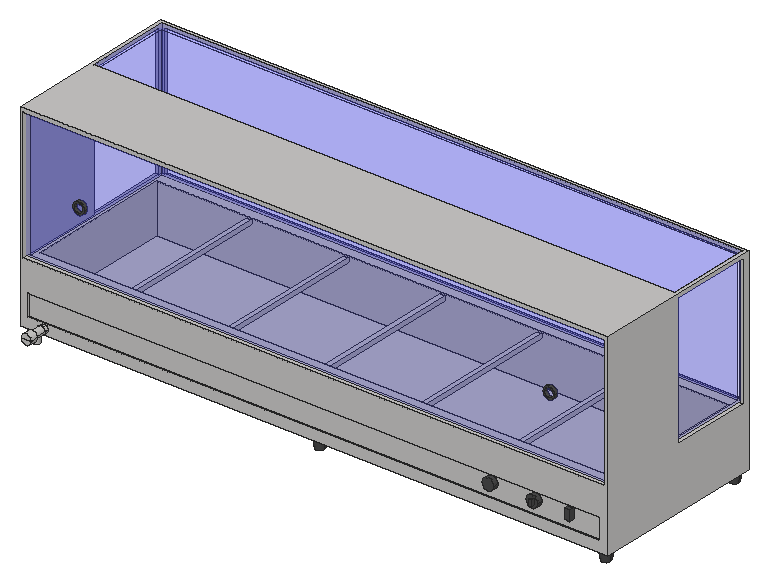
Revit family "QF_Woodson_Module Square Hot Food Display_W.HFSQ22_W.HFSQ26", category Specialty Equipment, Revit 2014
Parameters (values of type "W.HFSQ26")
  Weight = 78.00 kg
  Watts = 3300 W
  Volts = 240 V  # constant formula
  Type Comments = "The Woodson square profile hot food display combines market leading features and aesthetically pleasing modern styling"  # constant formula
  Switch = QF_Plastic-Black-Coarse
  Has Handle [instance] = yes
  Handle = QF_Plastic-Black-Coarse
  Half Width = Width / 2  # 1002.5 mm
  Width = 2005 mm
  URL = "http://www.stoddart.com.au/"
  Model = "W.HFSQ26"
  Body = QF_Stainless-Polished
  Leg Height = 32 mm  # constant formula
  Manufacturer = "Woodson"  # constant formula
  Height = 702 mm  # constant formula
  Multi Grill = yes
  Single Grill = not(Multi Grill)  # no
  Number of Grill = 5
  Glass = QF_Glass
  FL Amps = 15 A
  Drain Connector = 20 mm  # constant formula
  Description = "Square Profile Hot Food Display,6 module unit"
  Depth = 600 mm  # constant formula
  Middle Leg = Half Width > 516 mm  # yes
  Leg = QF_Plastic-Black-Coarse
  Assembly Code = "E1090300"
Types (6, lengths in mm): name | Weight | Watts | Half Width | Width | Model | Multi Grill | Single Grill | Number of Grill | FL Amps | Description | Middle Leg
  (no name) | 78.00 kg | 3300 W | 1002.5 | 2005 | "W.HFSQ26" | yes | no | 5 | 15 A | "Square Profile Hot Food Display,6 module unit" | yes
  W.HFSQ26 | 78.00 kg | 3300 W | 1002.5 | 2005 | "W.HFSQ26" | yes | no | 5 | 15 A | "Square Profile Hot Food Display,6 module unit" | yes
  W.HFSQ25 | 68.00 kg | 3300 W | 840 | 1680 | "W.HFSQ25" | yes | no | 4 | 15 A | "Square Profile Hot Food Display,5 module unit" | yes
  W.HFSQ24 | 58.00 kg | 3000 W | 677.5 | 1355 | "W.HFSQ24" | yes | no | 3 | 15 A | "Square Profile Hot Food Display,4 module unit" | yes
  W.HFSQ23 | 48.00 kg | 2400 W | 515 | 1030 | "W.HFSQ23" | yes | no | 2 | 10 A | "Square Profile Hot Food Display,3 module unit" | no
  W.HFSQ22 | 38.00 kg | 1500 W | 352.5 | 705 | "W.HFSQ22" | no | yes | 2 | 10 A | "Square Profile Hot Food Display,2 module unit" | no
Reference planes
  plane 1 "Center (Front/Back)": y = 0
  plane 2: z = 0
  plane 3 "Center (Left/Right)": x = 0
  plane 4: y = 300
  plane 5: y = -300
  plane 6: x = -1002.5
  plane 7: x = 1002.5
  plane 8: z = 243
  plane 9: z = 32
  plane 10: x = 976.5
  plane 11: x = -976.5
  plane 12: y = 274
  plane 13: y = -274
  plane 14: z = 115
  plane 15: z = 50
  plane 16: z = 75
  plane 17: x = -922.5
  plane 18: x = -992.5
  plane 19: x = 992.5
  plane 20: z = 58
  plane 21: y = -378
  plane 22: y = -320
  plane 23: y = 250
  plane 24: y = -250
  plane 25: y = 290
  plane 26: y = -290
  plane 27: z = 702
  plane 28: x = 920.5
  plane 29: x = -501.25
  plane 30: x = 501.25
  plane 31: x = -802.5
  plane 32: x = 802.5
Forms (mm)
  Extrusion 1, solid, material "QF_Stainless-Polished" <- "Body", detail levels medium+fine
    sketch origin (0, 0, 0) x (1, 0, 0) y (0, 1, 0)
      loop
        line (-1002.5, 300) -> (-1002.5, -300) -> (1002.5, -300) -> (1002.5, 300) -> (-1002.5, 300)
    from 32 to 243
  Revolve 2, solid, material "QF_Plastic-Black-Coarse" <- "Leg", detail levels medium+fine
    sketch origin (1780.019, 274, 4000) x (1, 0, 0) y (0, 0, 1)
      loop
        line (-2756.519, -4000) -> (-2756.519, -3968) -> (-2776.519, -3968) -> (-2771.519, -4000) -> (-2756.519, -4000)
      axis (-2756.519, -3968) -> (-2756.519, -4000)
    angle from 0 to 360
  Revolve 3, solid, material "QF_Plastic-Black-Coarse" <- "Leg", visible <- "Middle Leg", detail levels medium+fine
    sketch origin (1780.019, 274, 4000) x (1, 0, 0) y (0, 0, 1)
      loop
        line (-1780.019, -4000) -> (-1780.019, -3968) -> (-1800.019, -3968) -> (-1795.019, -4000) -> (-1780.019, -4000)
      axis (-1780.019, -3968) -> (-1780.019, -4000)
    angle from 0 to 360
  Revolve 4, solid, material "QF_Plastic-Black-Coarse" <- "Leg", detail levels medium+fine
    sketch origin (1780.019, 274, 4000) x (1, 0, 0) y (0, 0, 1)
      loop
        line (-803.519, -4000) -> (-803.519, -3968) -> (-823.519, -3968) -> (-818.519, -4000) -> (-803.519, -4000)
      axis (-803.519, -3968) -> (-803.519, -4000)
    angle from 0 to 360
  Revolve 5, solid, material "QF_Plastic-Black-Coarse" <- "Leg", detail levels medium+fine
    sketch origin (1780.019, -274, 4000) x (1, 0, 0) y (0, 0, 1)
      loop
        line (-2756.519, -4000) -> (-2756.519, -3968) -> (-2776.519, -3968) -> (-2771.519, -4000) -> (-2756.519, -4000)
      axis (-2756.519, -3968) -> (-2756.519, -4000)
    angle from 0 to 360
  Revolve 6, solid, material "QF_Plastic-Black-Coarse" <- "Leg", visible <- "Middle Leg", detail levels medium+fine
    sketch origin (1780.019, -274, 4000) x (1, 0, 0) y (0, 0, 1)
      loop
        line (-1780.019, -4000) -> (-1780.019, -3968) -> (-1800.019, -3968) -> (-1795.019, -4000) -> (-1780.019, -4000)
      axis (-1780.019, -3968) -> (-1780.019, -4000)
    angle from 0 to 360
  Revolve 7, solid, material "QF_Plastic-Black-Coarse" <- "Leg", detail levels medium+fine
    sketch origin (1780.019, -274, 4000) x (1, 0, 0) y (0, 0, 1)
      loop
        line (-803.519, -4000) -> (-803.519, -3968) -> (-823.519, -3968) -> (-818.519, -4000) -> (-803.519, -4000)
      axis (-803.519, -3968) -> (-803.519, -4000)
    angle from 0 to 360
  Extrusion 8, void, detail levels fine
    sketch origin (0, 0, 0) x (1, 0, 0) y (0, 1, 0)
      loop
        line (-976.5, 250) -> (-976.5, -250) -> (976.5, -250) -> (976.5, 250) -> (-976.5, 250)
    from 75 to 243
  Extrusion 9, void
    sketch origin (0, 0, 0) x (1, 0, 0) y (0, 0, 1)
      loop
        line (-976.5, 68.402) -> (976.5, 68.402) -> (976.5, 141.698) -> (-976.5, 141.698) -> (-976.5, 68.402)
    from 300 to 294.572
  Extrusion 10, solid, material "QF_Glass" <- "Glass", detail levels medium+fine
    sketch origin (0, 0, 0) x (1, 0, 0) y (0, 1, 0)
      loop
        line (992.5, -290) -> (992.5, 290) -> (-992.5, 290) -> (-992.5, -290) -> (992.5, -290)
      loop
        line (-982.5, 280) -> (-982.5, -280) -> (982.5, -280) -> (982.5, 280) -> (-982.5, 280)
    from 243 to 689.912
  Extrusion 11, solid, material "QF_Stainless-Polished" <- "Body", visible <- "Multi Grill", detail levels medium+fine
    sketch origin (-261.915, 0, 0) x (1, 0, 0) y (0, 0, 1)
      loop
        line (914.415, 236.968) -> (914.415, 221.968) -> (929.415, 221.968) -> (929.415, 236.968) -> (914.415, 236.968)
    from -290 to 294.572
  Extrusion 12, solid, material "QF_Stainless-Polished" <- "Body", visible <- "Multi Grill", detail levels medium+fine
    sketch origin (-591.915, 0, 0) x (1, 0, 0) y (0, 0, 1)
      loop
        line (914.415, 236.968) -> (914.415, 221.968) -> (929.415, 221.968) -> (929.415, 236.968) -> (914.415, 236.968)
    from -290 to 294.572
  Extrusion 13, solid, material "QF_Stainless-Polished" <- "Body", visible <- "Single Grill", detail levels medium+fine
    sketch origin (0, 0, 0) x (1, 0, 0) y (0, 0, 1)
      loop
        line (7.5, 236.968) -> (-7.5, 236.968) -> (-7.5, 221.968) -> (7.5, 221.968) -> (7.5, 236.968)
    from -290 to 290
  Extrusion 14, solid, material "QF_Stainless-Polished" <- "Body", detail levels coarse
    sketch origin (0, 0, 0) x (1, 0, 0) y (0, 1, 0)
      loop
        line (1002.5, 300) -> (-1002.5, 300) -> (-1002.5, -378) -> (1002.5, -378) -> (1002.5, 300)
    from 0 to 702
  Extrusion 15, solid, material "QF_Stainless-Polished" <- "Body", detail levels medium+fine
    sketch origin (0, 0, 0) x (1, 0, 0) y (0, 0, 1)
      loop
        line (-1002.5, 243) -> (-992.5, 243) -> (-992.5, 689.912) -> (992.5, 689.912) -> (992.5, 243) -> (1002.5, 243) -> (1002.5, 677.874) -> (1002.5, 702) -> (-1002.5, 702) -> (-1002.5, 690.786) -> (-1002.5, 243)
    from 0 to 300
  Extrusion 16, solid, material "QF_Glass" <- "Glass", detail levels medium+fine
    sketch origin (0, 0, 0) x (1, 0, 0) y (0, 1, 0)
      loop
        line (-992.5, 0) -> (992.5, 0) -> (992.5, 290) -> (-992.5, 290) -> (-992.5, 0)
    from 702 to 689.912
  Extrusion 17, solid, material "QF_Stainless-Polished" <- "Body", detail levels medium+fine
    sketch origin (0, 0, 0) x (1, 0, 0) y (0, 1, 0)
      loop
        line (-1002.5, 0) -> (-992.5, 0) -> (-992.5, 290) -> (992.5, 290) -> (992.5, -66.517) -> (1002.5, -66.517) -> (1002.5, 290) -> (1002.5, 300) -> (-1002.5, 300) -> (-1002.5, 0)
    from 689.912 to 702
  Extrusion 18, solid, material "QF_Stainless-Polished" <- "Body", detail levels medium+fine
    sketch origin (0, 0, 0) x (1, 0, 0) y (0, 1, 0)
      loop
        line (1002.5, 290) -> (1002.5, 300) -> (982.5, 300) -> (982.5, 290) -> (992.5, 290) -> (992.5, 280) -> (1002.5, 280) -> (1002.5, 290)
    from 221.968 to 693.47
  Extrusion 19, solid, material "QF_Stainless-Polished" <- "Body", detail levels medium+fine
    sketch origin (597.5, -702.5, 0) x (0, 1, 0) y (-1, 0, 0)
      loop
        line (1002.5, 1590) -> (1002.5, 1600) -> (982.5, 1600) -> (982.5, 1590) -> (992.5, 1590) -> (992.5, 1580) -> (1002.5, 1580) -> (1002.5, 1590)
    from 221.968 to 693.47
  Extrusion 20, solid, material "QF_Plastic-Black-Coarse" <- "Switch", detail levels fine
    sketch origin (0, 0, 0) x (1, 0, 0) y (0, 0, 1)
      loop
        circle (752.5, 115) r 20
      loop
        line (862.731, 134.485) -> (862.731, 99.485) -> (882.731, 99.485) -> (882.731, 134.485) -> (862.731, 134.485)
      loop
        circle (602.5, 115) r 20
    from 294.572 to 310
  Extrusion 21, solid, material "QF_Plastic-Black-Coarse" <- "Switch", detail levels fine
    sketch origin (0, 0, 0) x (1, 0, 0) y (0, 0, 1)
      loop
        line (747.191, 124.096) -> (747.191, 104.096) -> (757.191, 104.096) -> (757.191, 124.096) -> (747.191, 124.096)
    from 294.572 to 317.543
  Extrusion 22, solid, material "QF_Plastic-Black-Coarse" <- "Handle", visible <- "Has Handle", detail levels fine
    sketch origin (992.5, -290, 0) x (-1, 0, 0) y (0, 0, -1)
      loop
        circle (1795, -459.877) r 20
      loop
        circle (1795, -459.877) r 15
      loop
        circle (190, -459.877) r 20
      loop
        circle (190, -459.877) r 15
    from 0 to 10
  Extrusion 23, solid, material "QF_Stainless-Polished" <- "Body", visible <- "Multi Grill", detail levels medium+fine
    sketch origin (-921.915, 0, 0) x (1, 0, 0) y (0, 0, 1)
      loop
        line (914.415, 236.968) -> (914.415, 221.968) -> (929.415, 221.968) -> (929.415, 236.968) -> (914.415, 236.968)
    from -290 to 294.572
  Extrusion 24, solid, material "QF_Stainless-Polished" <- "Body", visible <- "Multi Grill", detail levels medium+fine
    sketch origin (-1251.915, 0, 0) x (1, 0, 0) y (0, 0, 1)
      loop
        line (914.415, 236.968) -> (914.415, 221.968) -> (929.415, 221.968) -> (929.415, 236.968) -> (914.415, 236.968)
    from -290 to 294.572
  Extrusion 25, solid, material "QF_Stainless-Polished" <- "Body", visible <- "Multi Grill", detail levels medium+fine
    sketch origin (-1581.915, 0, 0) x (1, 0, 0) y (0, 0, 1)
      loop
        line (914.415, 236.968) -> (914.415, 221.968) -> (929.415, 221.968) -> (929.415, 236.968) -> (914.415, 236.968)
    from -290 to 294.572
Cuts and joins
  Extrusion 8, Extrusion 9 cuts Extrusion 1
  joined: Extrusion 1, Extrusion 15, Extrusion 17, Extrusion 18, Extrusion 19
Dimensions and locks
  "Width": plane 6 to plane 7
  "Depth": plane 5 to plane 4
  equal spacing: plane 5, plane 1 "Center (Front/Back)", plane 4
  plane 9 to level = 32 mm
  locked: plane 18 to plane 6 at 10
  locked: plane 11 to plane 6 at 26
  "Half Width": plane 3 "Center (Left/Right)" to plane 7
  "Leg Height": plane 9 to plane 2
  plane 4 to plane 5 = 600 mm
  locked: plane 23 to plane 4 at 50
  locked: plane 5 to plane 24 at 50
  locked: plane 6 to plane 17 at 80
  locked: plane 7 to cut or joined group of Extrusion 1, Extrusion 8, Extrusion 9, Extrusion 15, Extrusion 17, Extrusion 18, Extrusion 19 at 26
  plane 11 to plane 6 = 26 mm
  "Height": plane 27 to level
  Extrusion 11 to plane 7 = 350 mm
  equal spacing: group 5, group 4, group 3, group 2, group 1
  equal spacing: group 1, group 2, group 3, group 4, group 5  (x2)
  plane 21 to plane 4 = 678 mm
  plane 7 to plane 6 = 2005 mm
  locked: plane 7 to plane 28 at 82
  plane 17 to plane 6 = 80 mm
  locked: Extrusion 20 sketch curve to Extrusion 20 sketch curve at 20
  locked: plane 7 to Extrusion 20 sketch curve at 119.769
  locked: plane 7 to Extrusion 20 sketch curve at 250
  locked: plane 7 to Extrusion 20 sketch curve at 400
  locked: Extrusion 21 sketch curve to Extrusion 21 sketch curve at 10
  locked: Extrusion 14 to Extrusion 21 sketch curve at 245.309
  equal spacing: plane 6, plane 29, plane 3 "Center (Left/Right)"
  equal spacing: plane 3 "Center (Left/Right)", plane 30, plane 7
  locked: plane 31 to plane 6 at 200
  locked: plane 7 to plane 32 at 200
  Extrusion 22 to Extrusion 22 = 10 mm
  aligned and locked: level to plane 2
  aligned and locked: plane 4 to Extrusion 1 sketch curve
  aligned and locked: Extrusion 1 sketch curve to plane 5
  aligned and locked: plane 6 to Extrusion 1 sketch curve
  aligned and locked: Extrusion 1 sketch curve to plane 7
  aligned and locked: plane 8 to Extrusion 1
  aligned and locked: Extrusion 1 to plane 9
  aligned and locked: plane 11 to Extrusion 8 sketch curve
  aligned and locked: Extrusion 8 sketch curve to plane 10
  aligned and locked: Extrusion 8 sketch curve to plane 23
  aligned and locked: Extrusion 8 sketch curve to plane 24
  aligned and locked: plane 8 to Extrusion 8
  aligned and locked: Extrusion 9 sketch curve to plane 11
  aligned and locked: plane 10 to Extrusion 9 sketch curve
  aligned and locked: Extrusion 10 sketch curve to plane 26
  aligned and locked: Extrusion 10 sketch curve to plane 19
  aligned and locked: plane 25 to Extrusion 10 sketch curve
  aligned and locked: plane 18 to Extrusion 10 sketch curve
  aligned and locked: Extrusion 10 to plane 8
  aligned and locked: Extrusion 14 sketch curve to cut or joined group of Extrusion 1, Extrusion 8, Extrusion 9, Extrusion 15, Extrusion 17, Extrusion 18, Extrusion 19  (x2)
  aligned and locked: Extrusion 14 sketch curve to plane 6
  aligned and locked: plane 21 to Extrusion 14 sketch curve
  aligned and locked: Extrusion 15 sketch curve to plane 27
  aligned and locked: plane 6 to Extrusion 15 sketch curve  (x2)
  aligned and locked: Extrusion 15 sketch curve to plane 7  (x2)
  aligned and locked: Extrusion 10 to Extrusion 15 sketch curve
  aligned and locked: plane 19 to Extrusion 15 sketch curve
  aligned and locked: Extrusion 10 to Extrusion 15
  aligned and locked: Extrusion 16 sketch curve to Extrusion 15
  aligned and locked: plane 27 to Extrusion 14
  aligned and locked: plane 27 to Extrusion 16
  aligned and locked: Extrusion 16 to Extrusion 10
  aligned and locked: Extrusion 16 sketch curve to Extrusion 10  (x2)
  aligned and locked: plane 19 to Extrusion 16 sketch curve
  aligned and locked: plane 27 to Extrusion 17
  aligned and locked: Extrusion 10 to cut or joined group of Extrusion 1, Extrusion 8, Extrusion 9, Extrusion 15, Extrusion 17, Extrusion 18, Extrusion 19
  aligned and locked: cut or joined group of Extrusion 1, Extrusion 8, Extrusion 9, Extrusion 15, Extrusion 17, Extrusion 18, Extrusion 19 to Extrusion 20
  aligned and locked: plane 17 to nested 1
  aligned and locked: cut or joined group of Extrusion 1, Extrusion 8, Extrusion 9, Extrusion 15, Extrusion 17, Extrusion 18, Extrusion 19 to Extrusion 21
  aligned and locked: plane 31 to Extrusion 22 sketch curve
  aligned and locked: plane 32 to Extrusion 22 sketch curve
Automatic sketch dimensions
  plane 15 to Extrusion 9 sketch curve = 18.402 mm
  plane 14 to Extrusion 9 sketch curve = 26.698 mm
  plane 18 to Extrusion 10 sketch curve = 10 mm
  Extrusion 10 sketch curve to plane 26 = 10 mm
  Extrusion 10 sketch curve to plane 19 = 10 mm
  plane 25 to Extrusion 10 sketch curve = 10 mm
  Extrusion 11 sketch curve to Extrusion 11 sketch curve = 15 mm  (x2)
  Extrusion 12 sketch curve to Extrusion 12 sketch curve = 15 mm  (x2)
  Revolve 2 sketch curve to plane 9 = 0 mm
  Revolve 2 sketch curve to level = 0 mm
  Revolve 2 sketch curve to plane 11 = 0 mm  (x2)
  plane 18 to Revolve 2 sketch curve = 1 mm
  Revolve 2 sketch curve to plane 18 = 4 mm
  Revolve 2 sketch curve to level = 304.8 mm
  plane 27 to Revolve 2 sketch curve = 1734.4 mm
  Revolve 3 sketch curve to plane 9 = 0 mm
  Revolve 3 sketch curve to level = 0 mm
  Revolve 3 sketch curve to plane 3 "Center (Left/Right)" = 0 mm  (x2)
  Revolve 3 sketch curve to Revolve 3 sketch curve = 15 mm
  Revolve 3 sketch curve to Revolve 3 sketch curve = 20 mm
  Revolve 3 sketch curve to Revolve 3 sketch curve = 304.8 mm
  plane 27 to Revolve 3 sketch curve = 1734.4 mm
  Revolve 4 sketch curve to plane 9 = 0 mm
  Revolve 4 sketch curve to level = 0 mm
  Revolve 4 sketch curve to plane 10 = 0 mm  (x2)
  Revolve 4 sketch curve to Revolve 4 sketch curve = 15 mm
  Revolve 4 sketch curve to Revolve 4 sketch curve = 20 mm
  Revolve 4 sketch curve to Revolve 4 sketch curve = 304.8 mm
  plane 27 to Revolve 4 sketch curve = 1734.4 mm
  Revolve 5 sketch curve to plane 9 = 0 mm
  Revolve 5 sketch curve to level = 0 mm
  Revolve 5 sketch curve to plane 11 = 0 mm  (x2)
  plane 18 to Revolve 5 sketch curve = 1 mm
  Revolve 5 sketch curve to plane 18 = 4 mm
  Revolve 5 sketch curve to level = 304.8 mm
  plane 27 to Revolve 5 sketch curve = 1734.4 mm
  Revolve 6 sketch curve to plane 9 = 0 mm
  Revolve 6 sketch curve to level = 0 mm
  Revolve 6 sketch curve to plane 3 "Center (Left/Right)" = 0 mm  (x2)
  Revolve 6 sketch curve to Revolve 6 sketch curve = 15 mm
  Revolve 6 sketch curve to Revolve 6 sketch curve = 20 mm
  Revolve 6 sketch curve to Revolve 6 sketch curve = 304.8 mm
  plane 27 to Revolve 6 sketch curve = 1734.4 mm
  Revolve 7 sketch curve to plane 9 = 0 mm
  Revolve 7 sketch curve to level = 0 mm
  Revolve 7 sketch curve to plane 10 = 0 mm  (x2)
  Revolve 7 sketch curve to Revolve 7 sketch curve = 15 mm
  Revolve 7 sketch curve to Revolve 7 sketch curve = 20 mm
  Revolve 7 sketch curve to Revolve 7 sketch curve = 304.8 mm
  plane 27 to Revolve 7 sketch curve = 1734.4 mm
  Extrusion 13 sketch curve to plane 3 "Center (Left/Right)" = 7.5 mm
  plane 3 "Center (Left/Right)" to Extrusion 13 sketch curve = 7.5 mm
  Extrusion 13 sketch curve to plane 8 = 21.032 mm
  Extrusion 13 sketch curve to plane 8 = 6.032 mm
  Extrusion 15 sketch curve to plane 8 = 0 mm  (x2)
  Extrusion 15 sketch curve to plane 27 = 12.088 mm
  Extrusion 15 sketch curve to Extrusion 15 sketch curve = 12.037 mm
  Extrusion 15 sketch curve to Extrusion 15 sketch curve = 0 mm  (x2)
  Extrusion 15 sketch curve to Extrusion 15 sketch curve = 0.874 mm
  plane 4 to Extrusion 17 sketch curve = 0 mm
  Extrusion 17 sketch curve to plane 6 = 0 mm
  plane 1 "Center (Front/Back)" to Extrusion 17 sketch curve = 0 mm
  Extrusion 17 sketch curve to plane 18 = 0 mm
  Extrusion 17 sketch curve to plane 19 = 0 mm
  Extrusion 17 sketch curve to plane 7 = 0 mm
  plane 25 to Extrusion 17 sketch curve = 0 mm  (x2)
  plane 1 "Center (Front/Back)" to Extrusion 17 sketch curve = 66.517 mm
  plane 25 to Extrusion 18 sketch curve = 0 mm  (x2)
  plane 4 to Extrusion 18 sketch curve = 0 mm
  Extrusion 18 sketch curve to plane 19 = 0 mm
  Extrusion 18 sketch curve to plane 7 = 0 mm
  plane 10 to Extrusion 18 sketch curve = 6 mm
  Extrusion 18 sketch curve to plane 12 = 6 mm
  plane 25 to Extrusion 19 sketch curve = 0 mm
  plane 4 to Extrusion 19 sketch curve = 0 mm
  Extrusion 19 sketch curve to plane 12 = 6 mm
  plane 6 to Extrusion 19 sketch curve = 20 mm
  Extrusion 19 sketch curve to Extrusion 19 sketch curve = 10 mm  (x3)
  Extrusion 20 sketch curve to plane 14 = 0 mm  (x2)
  Extrusion 20 sketch curve to plane 14 = 15.515 mm
  plane 14 to Extrusion 20 sketch curve = 19.485 mm
  Extrusion 21 sketch curve to plane 14 = 10.904 mm
  plane 14 to Extrusion 21 sketch curve = 9.096 mm
  Extrusion 22 sketch curve to Extrusion 22 sketch curve = 0 mm  (x4)
  Extrusion 10 to Extrusion 22 sketch curve = 216.877 mm  (x2)
  Extrusion 23 sketch curve to Extrusion 23 sketch curve = 15 mm  (x2)
  Extrusion 24 sketch curve to Extrusion 24 sketch curve = 15 mm  (x2)
  Extrusion 25 sketch curve to Extrusion 25 sketch curve = 15 mm  (x2)
  radius of Extrusion 20 sketch curve = 20 mm  (x2)
  radius of Extrusion 22 sketch curve = 20 mm  (x2)
  radius of Extrusion 22 sketch curve = 15 mm  (x2)
Nested families
  nested 1: "Drain" at (-922.5, -300, 50) x (1, 0, 0) z (0, -1, 0), type "Drain", detail levels fine
Connectors
  piping at (-922.5, -330, 22), diameter 20, driven by "Drain Connector"
    settings: on nested 1, index 1, connector inside diameter 609.6 mm, connector length 0 mm, flow factor 0, pipe flow 0.0 L/s, pressure drop 0.0 Pa, fitting loss kfactor 0, connector angle 0.00°, fixture units 0, engagement length 0 mm, angle of deflection 0.00°, flow configuration 0, flow direction 2, fitting loss method 0, system type 19, joint type 0, gender type 0, connector reference index -1, connector utility 0, adjustable connector no, is connector primary yes, connector description "QF_Drain"
  electrical at (-1002.5, 0, 367), driven by "Volts"
    settings: on cut or joined group of Extrusion 1, Extrusion 8, Extrusion 9, Extrusion 15, Extrusion 17, Extrusion 18, Extrusion 19, index 2, voltage 240 V, apparent load 0 VA, apparent load phase1 0 VA, apparent load phase2 0 VA, apparent load phase3 0 VA, power factor 1, load classification "Other", number of poles 1, system type 30, power factor state 1, is connector primary yes, connector utility no, sub classification motor no, connector description "QF_Plug"
Definition of nested family "Drain"
  Parameters (values of type "Drain")
    Material = QF_Stainless-Polished
    Default Elevation = 1219.2 mm
  Reference planes
    plane 1 "Center (Front/Back)": y = 0
    plane 2: z = 0
    plane 3 "Center (Left/Right)": x = 0
    plane 4: z = 78
    plane 5: z = 74
  Forms (mm)
    Extrusion 1, solid
      sketch origin (0, 0, 0) x (1, 0, 0) y (0, 1, 0)
        loop
          line (-1219.2, 1219.2) -> (-1219.2, -1219.2) -> (1219.2, -1219.2) -> (1219.2, 1219.2) -> (-1219.2, 1219.2)
      from 0 to -304.8
    Revolve 2, solid, material "QF_Stainless-Polished" <- "Material", detail levels fine
      sketch origin (0, 0, 0) x (1, 0, 0) y (0, 0, 1)
        loop
          line (0, 0) -> (10, 0) -> (14, 0) -> (14, 10) -> (12, 10) -> (12, 50) -> (17, 50) -> (17, 74) -> (0, 74) -> (0, 0)
        axis (0, 74) -> (0, 0)
      angle from 0 to 360
    Revolve 3, solid, material "QF_Stainless-Polished" <- "Material", detail levels fine
      sketch origin (0, 0, 0) x (0, 1, 0) y (0, 0, 1)
        loop
          line (0, 30) -> (0, 40) -> (-28, 40) -> (-28, 30) -> (0, 30)
        axis (0, 30) -> (-28, 30)
      angle from 0 to 360
  Cuts and joins
    joined: Revolve 2, Revolve 3
  Lines and regions (mm)
    symbolic lines, detail levels medium
      curve 1: circle (0, 0, 74) r 15 normal (0, 0, 1)
      curve 2: line (-7.359, -13.071, 74) -> (-7.359, -25, 74)
      curve 3: line (-7.359, -25, 74) -> (7.5, -25, 74)
      curve 4: line (7.5, -25, 74) -> (7.5, -12.99, 74)
      curve 5: line (17.012, -28, 78) -> (-16.992, -28, 78)
      curve 6: line (17.012, -28, 50) -> (17.012, -28, 78)
      curve 7: line (-16.992, -28, 50) -> (17.012, -28, 50)
      curve 8: line (-16.992, -28, 78) -> (-16.992, -28, 50)
      curve 9: line (13.994, -28, 10) -> (-13.984, -28, 10)
      curve 10: line (13.994, -28, 0) -> (13.994, -28, 10)
      curve 11: line (-13.984, -28, 0) -> (13.994, -28, 0)
      curve 12: line (-13.984, -28, 10) -> (-13.984, -28, 0)
      curve 13: arc (0, -28, 40) -> (-10, -28, 30) -> (0, -28, 20) r 10
      curve 14: arc (0, -28, 20) -> (10, -28, 30) -> (0, -28, 40) r 10
      curve 15: line (12.002, -28, 50) -> (12.002, -28, 10)
      curve 16: line (-12.009, -28, 50) -> (-12.009, -28, 10)
  Dimensions and locks
    plane 4 to Extrusion 1 = 78 mm
    plane 5 to Extrusion 1 = 74 mm
    aligned and locked: plane 2 to Extrusion 1
    aligned and locked: level to Extrusion 1
    aligned and locked: plane 5 to cut or joined group of Revolve 2, Revolve 3
